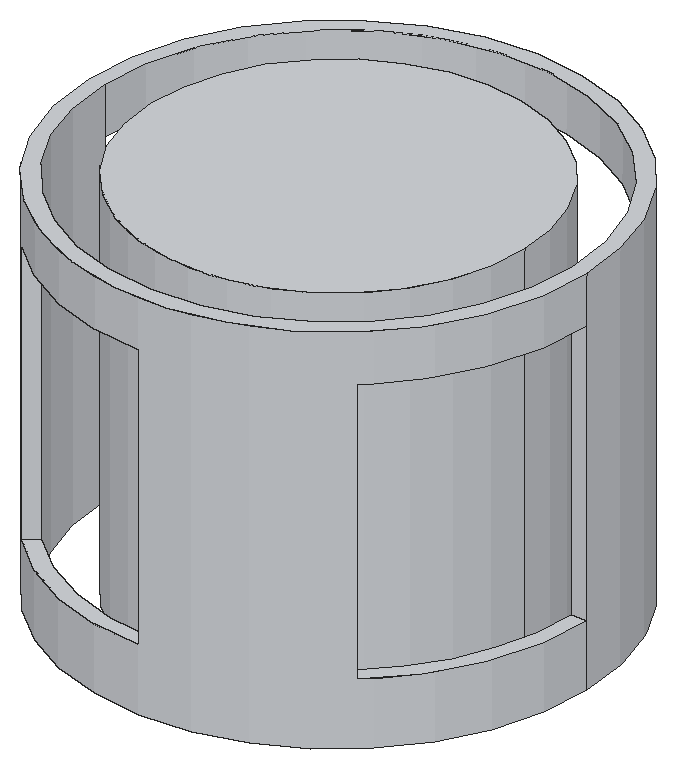
Revit family "combustion_air_terminal_", category Duct Accessories, Revit 2024
Family settings
  Round Connector Dimension = Use Diameter
  Part Type = Attaches To
  Work Plane-Based = No
  Always vertical = Yes
  Cut with Voids When Loaded = No
  Shared = No
Parameters
  length = 0' - 6"
  Default Elevation = 0' - 0"
Reference planes (in)
  plane 1 "Center (Front/Back)": y = 0
  plane 2: z = 0
  plane 3 "Center (Left/Right)": x = 0
  plane 4: z = 6
  plane 5: z = 3.12304
  plane 6: z = 5.24607
  plane 7: z = 1
  plane 8: through (-5.06662, 5.09118, 48) normal (0.7071, 0.7071, 0)
  plane 9: through (-4.55867, -4.54673, 48) normal (-0.7071, 0.7071, 0)
  plane 10: z = 5.24607
  plane 11: z = 1
  plane 12: z = 5.24607
  plane 13: z = 1
  plane 14: z = 5.24607
  plane 15: z = 1
Forms (in)
  Extrusion 1, solid
    sketch origin (0, 0, 0) x (1, 0, 0) y (0, 1, 0)
      loop
        circle (0, 0) r 3
    from 0 to 6 <- "length"
  Extrusion 2, solid
    sketch origin (0, 0, 0) x (1, 0, 0) y (0, 1, 0)
      loop
        circle (0, 0) r 3.75
      loop
        circle (0, 0) r 4
    from 0 to 6 <- "length"
  Sweep 3, void
    path origin (-28.19729, -180, 3.12304) x (-1, 0, 0) y (0, -1, 0)
      loop
        arc (-24.44729, -180) -> (-24.72991, -181.42821) -> (-25.53516, -182.64114) r 3.75
    profile origin (-3.46738, 1.42821, 3.12304) x (-0.924635, 0.380855, 0) y (0, 0, 1)
      loop
        line (0, -2.12304) -> (1, -2.12304) -> (1, 2.12304) -> (0, 2.12304) -> (0, -2.12304)
  Sweep 4, void
    path origin (-179.99809, 28.1688, 3.12304) x (0, 1, 0) y (-1, 0, 0)
      loop
        arc (-24.44729, -180) -> (-24.72991, -181.42821) -> (-25.53516, -182.64114) r 3.75
    profile origin (1.43011, 3.43889, 3.12304) x (0.380855, 0.924635, 0) y (0, 0, 1)
      loop
        line (0, -2.12304) -> (1, -2.12304) -> (1, 2.12304) -> (0, 2.12304) -> (0, -2.12304)
  Sweep 5, void
    path origin (27.88675, 179.99803, 3.12304) x (1, 0, 0) y (0, 1, 0)
      loop
        arc (-24.44729, -180) -> (-24.72991, -181.42821) -> (-25.53516, -182.64114) r 3.75
    profile origin (3.15685, -1.43018, 3.12304) x (0.924635, -0.380855, 0) y (0, 0, 1)
      loop
        line (0, -2.12304) -> (1, -2.12304) -> (1, 2.12304) -> (0, 2.12304) -> (0, -2.12304)
  Sweep 6, void
    path origin (179.99806, -28.16217, 3.12304) x (0, -1, 0) y (1, 0, 0)
      loop
        arc (-24.44729, -180) -> (-24.72991, -181.42821) -> (-25.53516, -182.64114) r 3.75
    profile origin (-1.43015, -3.43226, 3.12304) x (-0.380855, -0.924635, 0) y (0, 0, 1)
      loop
        line (0, -2.12304) -> (1, -2.12304) -> (1, 2.12304) -> (0, 2.12304) -> (0, -2.12304)
Cuts and joins
  Sweep 3, Sweep 4, Sweep 5, Sweep 6 cuts Extrusion 2
Dimensions and locks (in)
  "length": plane 4 to level
  plane 4 to plane 5 to level = 0' - 2.87696", 0' - 3.12304"
  equal spacing: plane 6, plane 5, plane 7
  plane 4 to plane 6 = 0' - 0.75393"
  plane 7 to level = 0' - 1"
  plane 10 to plane 11 = 0' - 4.24607"
  plane 12 to plane 13 = 0' - 4.24607"
  plane 14 to plane 15 = 0' - 4.24607"
  diameter of Extrusion 1 sketch curve = 0' - 6"
  diameter of Extrusion 2 sketch curve = 0' - 7 1/2"
  diameter of Extrusion 2 sketch curve = 0' - 8"
  aligned and locked: plane 2 to level
  aligned and locked: plane 3 "Center (Left/Right)" to Extrusion 1 sketch curve
  aligned and locked: plane 1 "Center (Front/Back)" to Extrusion 1 sketch curve
  aligned and locked: plane 3 "Center (Left/Right)" to Extrusion 2 sketch curve  (x2)
  aligned and locked: plane 1 "Center (Front/Back)" to Extrusion 2 sketch curve  (x2)
  aligned and locked: Sweep 3 sketch curve to plane 6
  aligned and locked: plane 7 to Sweep 3 sketch curve
  aligned and locked: Sweep 4 sketch curve to plane 10
  aligned and locked: plane 11 to Sweep 4 sketch curve
  aligned and locked: Sweep 5 sketch curve to plane 12
  aligned and locked: plane 13 to Sweep 5 sketch curve
  aligned and locked: Sweep 6 sketch curve to plane 14
  aligned and locked: plane 15 to Sweep 6 sketch curve
Automatic sketch dimensions
  plane 1 "Center (Front/Back)" to Sweep 3 sketch curve = 0' - 0"
  Sweep 3 sketch curve to plane 3 "Center (Left/Right)" = 0' - 0"
  Sweep 3 sketch curve to plane 3 "Center (Left/Right)" = 0' - 2.66212"
  Sweep 3 sketch curve to Sweep 3 sketch curve = 0' - 1.08788"
  Sweep 3 sketch curve to profile plane = 0' - 0"
  Sweep 3 sketch curve to Sweep 3 sketch curve = 0' - 1"
  plane 3 "Center (Left/Right)" to Sweep 4 sketch curve = 0' - 0.00191"
  plane 1 "Center (Front/Back)" to Sweep 4 sketch curve = 0' - 0.02849"
  Sweep 4 sketch curve to plane 1 "Center (Front/Back)" = 0' - 2.63363"
  Sweep 4 sketch curve to Sweep 4 sketch curve = 0' - 1.08788"
  Sweep 4 sketch curve to profile plane = 0' - 0"
  Sweep 4 sketch curve to Sweep 4 sketch curve = 0' - 1"
  plane 1 "Center (Front/Back)" to Sweep 5 sketch curve = 0' - 0.00197"
  Sweep 5 sketch curve to plane 3 "Center (Left/Right)" = 0' - 0.31053"
  plane 3 "Center (Left/Right)" to Sweep 5 sketch curve = 0' - 2.35159"
  Sweep 5 sketch curve to Sweep 5 sketch curve = 0' - 1.08788"
  Sweep 5 sketch curve to profile plane = 0' - 0"
  Sweep 5 sketch curve to Sweep 5 sketch curve = 0' - 1"
  Sweep 6 sketch curve to plane 1 "Center (Front/Back)" = 0' - 0.03512"
  Sweep 6 sketch curve to plane 3 "Center (Left/Right)" = 0' - 0.00194"
  plane 1 "Center (Front/Back)" to Sweep 6 sketch curve = 0' - 2.627"
  plane 1 "Center (Front/Back)" to Sweep 6 sketch curve = 0' - 3.71488"
  Sweep 6 sketch curve to profile plane = 0' - 0"
  Sweep 6 sketch curve to Sweep 6 sketch curve = 0' - 1"
Connectors (in)
  hvac at (0, 0, 6)
    settings: on Extrusion 1, index 1, duct flow 0 CFM, flow factor 0, pres drop 0.00 in-wg, loss coef 0, conn angle 0.00°, conn width 12", conn height 12", conn diameter 4", duct sys type 29, conn prof type 0, flow config 0, flow direction 0, loss method 0, conn ref index -1, conn util no, is conn primary yes, conn desc ""
  hvac at (0, 0, 0)
    settings: on Extrusion 1, index 2, duct flow 0 CFM, flow factor 0, pres drop 0.00 in-wg, loss coef 0, conn angle 0.00°, conn width 12", conn height 12", conn diameter 6", duct sys type 29, conn prof type 0, flow config 0, flow direction 0, loss method 0, conn ref index -1, conn util no, is conn primary no, conn desc ""
